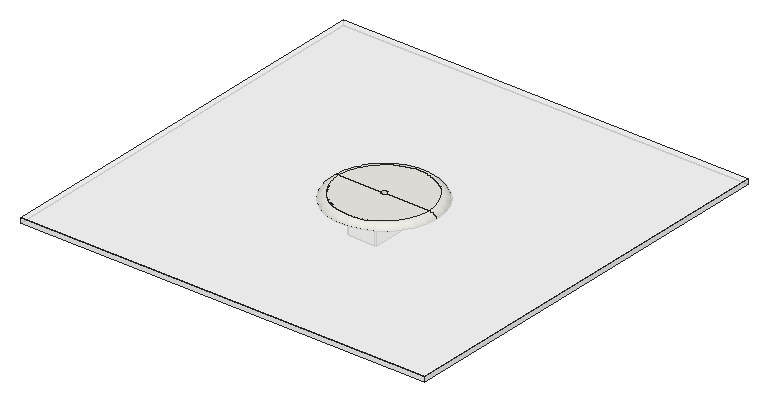
Revit family "AN-9001", category Communication Devices, host Face, Revit 2016
Family settings
  Host = Face
  Maintain Annotation Orientation = No
  Part Type = Normal
  Round Connector Dimension = Use Diameter
  OmniClass Number = 23.85.10.11.14
  OmniClass Title = Audio Equipment
  Cut with Voids When Loaded = Yes
  Shared = No
  Room Calculation Point = No
Parameters (values of type "AN-9001")
  Weight = "170g"
  URL = "http://toa.com.sg"
  Output Terminal = "Removable terminal block (3 pins)"
  Rated Sensitivity = "–5 dB (1 kHz, 0 dB = 1 V/Pa)"
  Operating Temperature = "-10 to +40°C"
  Model Type = "Electret condenser microphone"
  Frequency Response = "100 – 10,000 Hz"
  Phantom Power = "14 – 26 V DC"
  Impedance = "200 Ω"
  Model By = "BIMLIFE PTE LTD"  # constant formula
  Model = "AN-9001"
  Manufacturer = "TOA Electronics Pte Ltd"  # constant formula
  Supplier Tel = "+65 6835 9119"  # constant formula
  Supplier Fax = "+65 6835 9559"  # constant formula
  Supplier Address = "491B River Valley Road, #19-03/04 Valley Point Office Tower, Singapore 248373"  # constant formula
  Supplier = "TOA Electronics Pte Ltd"  # constant formula
  Suppiler Email = "http://toa.com.sg"  # constant formula
  Material = OFF-WHITE
  Finish = "Panel: ABS resin, white . Frame, Case: Surface-treated steel plate"
  Directivity = "Omnidirectional (hemispherical)"
  Dimension = "ø130 x 37 (d) mm"
  Default Elevation = 0 mm
  Current Consumption = "7 mA (at 24 V DC)"
  Copyright To = "TOA Electronics Pte Ltd"  # constant formula
Reference planes
  plane 1 "Center (Front/Back)": y = 0
  plane 2: z = 0
  plane 3 "Center (Left/Right)": x = 0
Forms (mm)
  Extrusion 1, solid, material "Surface"
    sketch origin (1.238, -13.929, 0) x (1, 0, 0) y (0, 1, 0)
      loop
        line (-251.238, 263.929) -> (-251.238, -236.071) -> (248.762, -236.071) -> (248.762, 263.929) -> (-251.238, 263.929)
    from 0 to -6.497
  Revolve 2, solid, material "OFF-WHITE" <- "Material"
    sketch origin (0, 0, -19.725) x (0, 0, -1) y (1, 0, 0)
      loop
        line (-19.725, 3.75) -> (-19.725, 65)
        arc (-19.725, 65) -> (-24.091, 61.312) -> (-25.725, 55.835) r 10
        line (-25.725, 55.835) -> (-25.725, 3.75) -> (-19.725, 3.75)
      axis (-25.725, 0) -> (-19.725, 0)
    angle from 0 to 360
  Extrusion 3, void
    sketch origin (0, 0, 0) x (1, 0, 0) y (0, 1, 0)
      loop
        line (35, 35) -> (32, 35) -> (15.069, 50.791)
        arc (15.069, 50.791) -> (13.649, 51.687) -> (12, 52) r 4.5
        line (12, 52) -> (-12, 52)
        arc (-12, 52) -> (-13.649, 51.687) -> (-15.069, 50.791) r 4.5
        line (-15.069, 50.791) -> (-32, 35) -> (-35, 35) -> (-35, -35) -> (-32, -35) -> (-15.069, -50.791)
        arc (-15.069, -50.791) -> (-13.649, -51.687) -> (-12, -52) r 4.5
        line (-12, -52) -> (12, -52)
        arc (12, -52) -> (13.649, -51.687) -> (15.069, -50.791) r 4.5
        line (15.069, -50.791) -> (32, -35) -> (35, -35) -> (35, 35)
    from 0 to 1
  Extrusion 4, solid, material "OFF-WHITE" <- "Material"
    sketch origin (0, 0, 0) x (1, 0, 0) y (0, -1, 0)
      loop
        circle (0, 0) r 8.5
      loop
        line (0.5, 20) -> (13, 20) -> (13, 30) -> (0.5, 30) -> (0.5, 20)
      loop
        line (-13, 32) -> (-13, 14)
        arc (-13, 14) -> (-12.414, 12.586) -> (-11, 12) r 2
        line (-11, 12) -> (0.5, 12)
        arc (0.5, 12) -> (1.5, 13) -> (0.5, 14) r 1
        line (0.5, 14) -> (-6.5, 14)
        arc (-6.5, 14) -> (-7.914, 14.586) -> (-8.5, 16) r 2
        line (-8.5, 16) -> (-8.5, 30)
        arc (-8.5, 30) -> (-7.914, 31.414) -> (-6.5, 32) r 2
        line (-6.5, 32) -> (0.5, 32)
        arc (0.5, 32) -> (1.5, 33) -> (0.5, 34) r 1
        line (0.5, 34) -> (-11, 34)
        arc (-11, 34) -> (-12.414, 33.414) -> (-13, 32) r 2
      loop
        line (11, -12) -> (-0.5, -12)
        arc (-0.5, -12) -> (-1.5, -13) -> (-0.5, -14) r 1
        line (-0.5, -14) -> (6.5, -14)
        arc (6.5, -14) -> (7.914, -14.586) -> (8.5, -16) r 2
        line (8.5, -16) -> (8.5, -30)
        arc (8.5, -30) -> (7.914, -31.414) -> (6.5, -32) r 2
        line (6.5, -32) -> (-0.5, -32)
        arc (-0.5, -32) -> (-1.5, -33) -> (-0.5, -34) r 1
        line (-0.5, -34) -> (11, -34)
        arc (11, -34) -> (12.414, -33.414) -> (13, -32) r 2
        line (13, -32) -> (13, -14)
        arc (13, -14) -> (12.414, -12.586) -> (11, -12) r 2
      loop
        line (-0.5, -20) -> (-13, -20) -> (-13, -30) -> (-0.5, -30) -> (-0.5, -20)
      loop
        circle (-4.5, 18) r 3.303
      loop
        circle (4.5, -18) r 3.303
      loop
        line (4, -29) -> (7, -29) -> (7, -23) -> (4, -23) -> (4, -29)
      loop
        line (-4, 23) -> (-4, 29) -> (-7, 29) -> (-7, 23) -> (-4, 23)
    from 8.2 to -1
  Extrusion 5, solid, material "OFF-WHITE" <- "Material"
    sketch origin (0, 0, -8.2) x (0, 1, 0) y (1, 0, 0)
      loop
        line (35, 16.5) -> (34, 16.5) -> (34, 17.5) -> (-34, 17.5) -> (-34, 16.5) -> (-35, 16.5) -> (-35, -16.5) -> (-34, -16.5) -> (-34, -17.5) -> (34, -17.5) -> (34, -16.5) -> (35, -16.5) -> (35, 16.5)
    from 0 to 22.8
Cuts and joins
  Extrusion 3 cuts Revolve 2
Dimensions and locks
  aligned and locked: plane 2 to Extrusion 1
  aligned and locked: level to Extrusion 1
